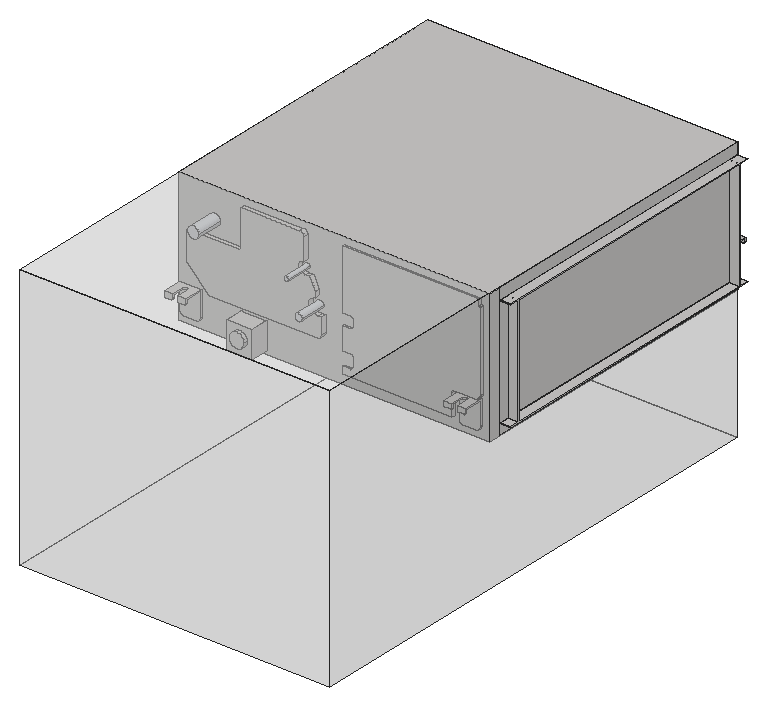
Revit family "outputfile", category 機械設備, Revit 2024
Family settings
  丸型コネクタ寸法 = 半径を使用
  パーツ タイプ = 標準
  OmniClass 番号 = 23.75.10.24.21.27.27
  OmniClass タイトル = Split System Air Conditioning Units
  作業面ベース = いいえ
  常に垂直 = はい
  ロード時にボイドで切り取り = いいえ
  注釈の向きを維持 = いいえ
  共有 = いいえ
  部屋計算ポイント = はい
Parameters (values of type "FXMQ80AFVM")
  Description = ""
  製造元 = "Daikin"
  書き出し IFC クラス(タイプ) = "IfcUnitaryEquipmentType"
  定義済み IFC タイプ(タイプ) = "AIRCONDITIONINGUNIT"
  Cost = 0
  モデル = "FXMQ80AFVM"
  Type Comments = ""
  Keynote = ""
  Type Image = (empty or 0)
  Assembly Code = ""
  w_dischargeflange = 505.0 mm
  w_dsuctionflange = 670.0 mm
  r_Liquid Pipe Size = Liquid Pipe Size / 2  # 4.75 mm
  r_Gas Pipe Size = Gas Pipe Size / 2  # 7.95 mm
  r_Drain Pipe Size = Drain Pipe Size / 2  # 12.5 mm
  lw_powersupply = 380.0 mm  # constant formula
  lw_mountinghole_pitch = 631.0 mm  # constant formula
  lw_mountinghole = 27.0 mm  # constant formula
  lw_maintenacesocket = 169.0 mm  # constant formula
  lw_liquidpipe = 290.0 mm  # constant formula
  lw_gaspipe = 318.0 mm  # constant formula
  lw_drainpipe = 80.0 mm  # constant formula
  lh_dischargeflange = 165.0 mm  # constant formula
  lh_powersupply = 56.0 mm  # constant formula
  lh_maintenacesocket = 40.0 mm  # constant formula
  lh_liquidpipe = 212.0 mm  # constant formula
  lh_gaspipe = 144.0 mm  # constant formula
  lh_drainpipe = 232.0 mm  # constant formula
  lh_suctionflange = 150.0 mm  # constant formula
  lh_antena = Height - lh_mountinghole + 1.0 mm  # 221.0 mm
  ld_dischargeflange = 285.0 mm
  ld_powersupply = Depth / 2  # 350.0 mm
  ld_mountinghole_pitch = 738.0 mm
  ld_suctionflange = 363.0 mm
  h_dischargeflange = 265.0 mm  # constant formula
  lh_mountinghole = 80.0 mm  # constant formula
  h_mountinghole = [h***] + lh_mountinghole  # 80.0 mm
  h_suctionflange = 297.0 mm  # constant formula
  h*** = 0.0 mm  # constant formula
  d_dischargeflange = 25.0 mm  # constant formula
  d_pipe = 60.0 mm
  d_suctionflange = 25.0 mm  # constant formula
  Width = 700.0 mm
  Voltage_comment_60Hz = "220-230"
  Voltage_comment_50Hz = "220-240"
  Voltage_60Hz = 220 V
  Voltage_50Hz = 230 V
  Version = "ver.1.0"
  Unit Type = "Outdoor Air Processing Unit"
  Unit Mass Weight = 29.00 kg
  Unit Designation [instance] = ""
  Uniclass2015Version = "Products v1.30"
  Uniclass2015Title = "Variable refrigerant flow units"
  Uniclass2015Code = "Pr_70_65_03_94"
  URL = ""
  Total Heating Capacity [instance] = 0.000 kW
  Total Cooling Capacity [instance] = 0.000 kW
  Supply Air Direction [instance] = yes
  Sound Pressure Level_M speed (dBA) = 30
  Sound Pressure Level_L speed (dBA) = 23
  Sound Pressure Level_H speed (dBA) = 37.5
  Sound Power Level_H speed (dB) = 0
  Series = "VRV Fan Coil Unit"
  Sensible Cooling Capacity [instance] = 0.000 kW
  SA Duct Size Width = 460.0 mm
  SA Duct Size Height = 215.0 mm
  Refrigerant Type = "R410A"
  Power Input (Heating) = 0.095 kW
  Power Input (Cooling) = 0.080 kW
  Phase_60Hz = 1
  Phase_50Hz = 1
  Option Accessory 3 [instance] = ""
  Option Accessory 2 [instance] = ""
  Option Accessory 1 [instance] = ""
  OA Duct Size Width = 625.0 mm
  OA Duct Size Height = 247.0 mm
  Nominal Heating Capacity = 8.100 kW
  Nominal Cooling Capacity = 9.000 kW
  Minimum External Static Pressure = 50.00 Pa
  Minimum Circuit Amps_60Hz = 1.38 A
  Minimum Circuit Amps_50Hz = 1.38 A
  Minimum Airflow = 348.00 m³/h
  Median Airflow = 516.00 m³/h
  Maximum Fuse Amps_60Hz = 16.0 A
  Maximum Fuse Amps_50Hz = 16.0 A
  Maximum External Static Pressure = 200.00 Pa
  Maximum Airflow = 690.00 m³/h
  Material_Casing = DAIKIN_GalvanizedSteel_Casing_indoorunit
  Load Classification = HVAC
  Liquid Pipe Size = 9.5 mm
  Link_Nested Family [instance] = ""
  IfcVersion = "0"
  IfcExportType = "AIRCONDITIONINGUNIT"
  IfcExportAs = "IfcUnitaryEquipmentType"
  Height = 300.0 mm
  Heating Entering Wet Bulb Temperature [instance] = 0.00 °C
  Heating Entering Dry Bulb Temperature [instance] = 0.00 °C
  Heating Ambient Wet Bulb Temperature [instance] = 0.00 °C
  Heating Ambient Dry Bulb Temperature [instance] = 0.00 °C
  Heat Exchanger Type = "Cross Fin Coil"
  Gas Pipe Size = 15.9 mm
  Frequency_60Hz = 60 Hz
  Frequency_50Hz = 50 Hz
  Fan Type = "Sirocco Fan"
  Fan Drive = "Direct Drive"
  FCU Tag No. [instance] = ""
  Drain Pipe Size = 25.0 mm
  Design Supply Airflow [instance] = 0.00 m³/h
  Design Outdoor Airflow [instance] = 0.00 m³/h
  Design External Static Pressure [instance] = 0.00 Pa
  Depth = 700.0 mm
  既定の高さ = 0.0 mm
  Cooling Entering Wet Bulb Temperature [instance] = 0.00 °C
  Cooling Entering Dry Bulb Temperature [instance] = 0.00 °C
  Cooling Ambient Wet Bulb Temperature [instance] = 0.00 °C
  Cooling Ambient Dry Bulb Temperature [instance] = 0.00 °C
  Clearance visibility [instance] = yes
  Clearance Top = 0.0 mm
  Clearance Right = 0.0 mm
  Clearance Rear = 0.0 mm
  Clearance Left = 0.0 mm
  Clearance Front = 450.0 mm
  Clearance Bottom = 300.0 mm
Reference planes
  plane 1 "Center (Front/Back)": y = 0
  plane 2: z = 0
  plane 3 "Center (Left/Right)": x = 0
  plane 4 "Back": y = 350
  plane 5 "Front": y = -350
  plane 6 "Left": x = -350
  plane 7 "Right": x = 350
  plane 8 "Top": z = 0
  plane 9 "Bottom": z = -300
  plane 10: y = 350
  plane 11: y = -800
  plane 12: x = 350
  plane 13: x = -350
  plane 14: z = 0
  plane 15: z = -600
  plane 16: y = -356
  plane 17: y = -360
  plane 18: y = -391
  plane 19: y = -399
  plane 20: y = -410
  plane 21 "ld_drainpipe": x = -270
  plane 22 "ld_liquidpipe": x = -60
  plane 23 "ld_gaspipe": x = -32
  plane 24 "lh_gaspipe": z = -156
  plane 25 "lh_drainpipe": z = -68
  plane 26 "lh_liquidpipe": z = -88
  plane 27 "h_mountinghole": z = -220
  plane 28: x = -323
  plane 29: x = 308
  plane 30: y = 369
  plane 31: y = -369
  plane 32 "lh_powersuply": z = -244
  plane 33 "ld_powersupply": x = 30
  plane 34 "lh_dischargeflange": z = -150
  plane 35 "ld_dischargeflange": y = 13
  plane 36 "ld_suctionflange": y = 65
  plane 37 "lh_suctionflange": z = -135
  plane 38 "lh_maintenacesocket": z = -260
  plane 39 "lw_maintenacesocket": x = -181
Forms (mm)
  Extrusion 1, solid, material "DAIKIN_GalvanizedSteel_Casing_indoorunit" <- "Material_Casing"
    sketch origin (0, 0, 0) x (1, 0, 0) y (0, 0, 1)
      loop
        line (-350, 0) -> (-350, -300) -> (350, -300) -> (350, 0) -> (-350, 0)
    from -350 to 350
  Extrusion 2, solid, material "DAIKIN_GalvanizedSteel_Casing_indoorunit" <- "Material_Casing"
    sketch origin (0, 0, 0) x (1, 0, 0) y (0, 0, 1)
      loop
        line (23.104, -151.299) -> (41.1, -151.326)
        arc (41.1, -151.326) -> (46.767, -153.673) -> (49.114, -159.34) r 8.015
        line (49.114, -159.34) -> (49.104, -169.302)
        arc (49.104, -169.302) -> (46.761, -174.959) -> (41.104, -177.302) r 8
        line (41.104, -177.302) -> (23.104, -177.302) -> (23.104, -227.302) -> (41.104, -227.302)
        arc (41.104, -227.302) -> (46.761, -229.645) -> (49.104, -235.302) r 8
        line (49.104, -235.302) -> (49.104, -251.302)
        arc (49.104, -251.302) -> (46.761, -256.959) -> (41.104, -259.302) r 8
        line (41.104, -259.302) -> (23.104, -259.302) -> (23.104, -274.802) -> (271.104, -274.802) -> (271.104, -224.802)
        arc (271.104, -224.802) -> (272.568, -221.266) -> (276.104, -219.802) r 5
        line (276.104, -219.802) -> (327.104, -219.802)
        spline (327.104, -219.802) -> (327.496, -219.776) -> (327.88, -219.7) -> (328.252, -219.574) -> (328.604, -219.4) -> (328.93, -219.182) -> (329.225, -218.923) -> (329.484, -218.628) -> (329.702, -218.302) -> (329.876, -217.95) -> (330.002, -217.578) -> (330.078, -217.194) -> (330.104, -216.802)
        line (330.104, -216.802) -> (330.104, -213) -> (332, -213)
        arc (332, -213) -> (334.121, -212.121) -> (335, -210) r 3
        line (335, -210) -> (335, -32)
        arc (335, -32) -> (334.121, -29.879) -> (332, -29) r 3
        line (332, -29) -> (330.104, -29) -> (330.104, -15.8) -> (23.104, -15.8) -> (23.104, -151.299)
    from 350 to 356
  Extrusion 3, solid, material "DAIKIN_GalvanizedSteel_Casing_indoorunit" <- "Material_Casing"
    sketch origin (0, 0, 0) x (1, 0, 0) y (0, 0, 1)
      loop
        line (-70, -15.8) -> (-201, -15.8)
        arc (-201, -15.8) -> (-203.121, -16.679) -> (-204, -18.8) r 3
        line (-204, -18.8) -> (-204, -102) -> (-321, -102)
        arc (-321, -102) -> (-323.121, -102.879) -> (-324, -105) r 3
        line (-324, -105) -> (-324, -167.757)
        arc (-324, -167.757) -> (-323.772, -168.905) -> (-323.121, -169.879) r 3
        line (-323.121, -169.879) -> (-274.879, -218.121)
        arc (-274.879, -218.121) -> (-273.905, -218.772) -> (-272.757, -219) r 3
        line (-272.757, -219) -> (-30, -219)
        arc (-30, -219) -> (-22.929, -216.071) -> (-20, -209) r 10
        line (-20, -209) -> (-20, -172.5) -> (-26.169, -172.5)
        arc (-26.169, -172.5) -> (-49.051, -159.94) -> (-34, -138.615) r 17.5
        line (-34, -138.615) -> (-34, -127.5) -> (-47, -100.5) -> (-56.429, -100.5)
        arc (-56.429, -100.5) -> (-72.874, -89.803) -> (-60, -75) r 13
        line (-60, -75) -> (-60, -25.8)
        arc (-60, -25.8) -> (-62.929, -18.729) -> (-70, -15.8) r 10
    from 360 to 350
  Extrusion 4, solid, material "DAIKIN_GalvanizedSteel_Casing_indoorunit" <- "Material_Casing"
    sketch origin (0, 0, 0) x (1, 0, 0) y (0, 0, 1)
      loop
        line (-209.102, -232.7) -> (-209.102, -292.398) -> (-152.898, -292.398) -> (-152.898, -232.7)
        arc (-152.898, -232.7) -> (-153.133, -232.133) -> (-153.7, -231.898) r 0.802
        line (-153.7, -231.898) -> (-208.298, -231.898)
        arc (-208.298, -231.898) -> (-208.865, -232.133) -> (-209.102, -232.7) r 0.802
    from 350 to 391
  Extrusion 5, solid, material "DAIKIN_GalvanizedSteel_Casing_indoorunit" <- "Material_Casing"
    sketch origin (0, 0, 0) x (1, 0, 0) y (0, 0, 1)
      loop
        circle (-181, -260) r 16.5
    from 391 to 399
  Extrusion 6, solid
    sketch origin (0, 0, 0) x (1, 0, 0) y (0, 0, 1)
      loop
        circle (-270, -68) r 12.5
      loop
        circle (-60, -88) r 4.75
      loop
        circle (-32, -156) r 7.95
    from 350 to 410
Dimensions and locks
  "Height": plane 8 "Top" to plane 9 "Bottom"
  equal spacing: plane 6 "Left", plane 3 "Center (Left/Right)", plane 7 "Right", locked at 350 each
  "Width": plane 6 "Left" to plane 7 "Right"
  equal spacing: plane 4 "Back", plane 1 "Center (Front/Back)", plane 5 "Front"
  "Depth": plane 4 "Back" to plane 5 "Front"
  "Clearance Left": plane 13 to plane 6 "Left"
  "Clearance Right": plane 7 "Right" to plane 12
  "Clearance Rear": plane 10 to plane 4 "Back"
  "Clearance Front": plane 5 "Front" to plane 11
  "Clearance Top": plane 14 to plane 8 "Top"
  "Clearance Bottom": plane 9 "Bottom" to plane 15
  Extrusion 2 sketch curve to Extrusion 2 sketch curve to Extrusion 2 sketch curve = 307.0 mm locked, 4.896 mm locked
  Extrusion 2 sketch curve to Extrusion 2 sketch curve to Extrusion 2 sketch curve to Extrusion 2 sketch curve to Extrusion 2 sketch curve = 26.0 mm locked, 222.0 mm locked, 59.0 mm locked, 4.896 mm locked
  locked: Extrusion 2 sketch curve to Extrusion 2 sketch curve at 26.01
  locked: Extrusion 2 sketch curve to nested 1 at 23.104
  locked: Extrusion 2 sketch curve to plane 3 "Center (Left/Right)" at 23.104
  plane 3 "Center (Left/Right)" to Extrusion 2 sketch curve = 23.104 mm
  Extrusion 2 sketch curve to Extrusion 2 sketch curve to Extrusion 2 sketch curve to Extrusion 2 sketch curve to Extrusion 2 sketch curve = 161.502 mm locked, 50.0 mm locked, 32.0 mm locked, 15.5 mm locked
  locked: Extrusion 2 sketch curve to Extrusion 2 sketch curve at 68.127
  locked: Extrusion 2 sketch curve to Extrusion 2 sketch curve at 13.2
  locked: Extrusion 2 sketch curve to Extrusion 2 sketch curve at 6.802
  locked: Extrusion 2 sketch curve to Extrusion 2 sketch curve at 55
  locked: plane 5 "Front" to plane 16 at 6
  locked: plane 5 "Front" to plane 17 at 10
  locked: plane 5 "Front" to plane 18 at 41
  "d_pipe": plane 5 "Front" to plane 20
  "lw_drainpipe": plane 6 "Left" to plane 21 "ld_drainpipe"
  "lw_liquidpipe": plane 6 "Left" to plane 22 "ld_liquidpipe"
  "lw_gaspipe": plane 6 "Left" to plane 23 "ld_gaspipe"
  "lh_gaspipe": plane 24 "lh_gaspipe" to plane 9 "Bottom"
  "lh_liquidpipe": plane 26 "lh_liquidpipe" to plane 9 "Bottom"
  "lh_drainpipe": plane 25 "lh_drainpipe" to plane 9 "Bottom"
  "lh_mountinghole": plane 27 "h_mountinghole" to plane 9 "Bottom"
  "lw_mountinghole": plane 6 "Left" to plane 28
  "lw_mountinghole_pitch": plane 28 to plane 29
  equal spacing: plane 30, plane 1 "Center (Front/Back)", plane 31
  "ld_mountinghole_pitch": plane 30 to plane 31
  locked: Extrusion 3 sketch curve to plane 6 "Left" at 146
  locked: Extrusion 3 sketch curve to plane 6 "Left" at 290
  locked: plane 6 "Left" to Extrusion 3 sketch curve at 26
  locked: Extrusion 3 sketch curve to plane 6 "Left" at 316
  locked: Extrusion 3 sketch curve to plane 6 "Left" at 330
  locked: Extrusion 3 sketch curve to plane 9 "Bottom" at 81
  locked: Extrusion 3 sketch curve to plane 9 "Bottom" at 284.2
  locked: Extrusion 3 sketch curve to plane 9 "Bottom" at 199.5
  locked: Extrusion 3 sketch curve to plane 9 "Bottom" at 127.5
  locked: Extrusion 3 sketch curve to plane 9 "Bottom" at 198
  "lh_powersupply": plane 32 "lh_powersuply" to plane 9 "Bottom"
  "lw_powersupply": plane 6 "Left" to plane 33 "ld_powersupply"
  "lh_suctionflange": plane 34 "lh_dischargeflange" to plane 9 "Bottom"
  "ld_suctionflange": plane 35 "ld_dischargeflange" to plane 5 "Front"
  "ld_dischargeflange": plane 4 "Back" to plane 36 "ld_suctionflange"
  "lh_dischargeflange": plane 37 "lh_suctionflange" to plane 9 "Bottom"
  locked: plane 5 "Front" to plane 19 at 49
  "lh_maintenacesocket": plane 38 "lh_maintenacesocket" to plane 9 "Bottom"
  "lw_maintenacesocket": plane 6 "Left" to plane 39 "lw_maintenacesocket"
  equal spacing: Extrusion 4 sketch curve, plane 39 "lw_maintenacesocket", Extrusion 4 sketch curve
  locked: Extrusion 4 sketch curve to Extrusion 4 sketch curve at 56.204
  Extrusion 4 sketch curve to plane 38 "lh_maintenacesocket" to Extrusion 4 sketch curve = 28.102 mm locked, 32.398 mm locked
  "r_Drain Pipe Size": radius of Extrusion 6 sketch curve
  "r_Liquid Pipe Size": radius of Extrusion 6 sketch curve
  "r_Gas Pipe Size": radius of Extrusion 6 sketch curve
  aligned and locked: level to plane 2
  aligned and locked: Extrusion 1 sketch curve to plane 8 "Top"
  aligned and locked: plane 6 "Left" to Extrusion 1 sketch curve
  aligned and locked: plane 9 "Bottom" to Extrusion 1 sketch curve
  aligned and locked: Extrusion 1 sketch curve to plane 7 "Right"
  aligned and locked: plane 4 "Back" to Extrusion 1
  aligned and locked: Extrusion 1 to plane 5 "Front"
  aligned and locked: plane 10 to nested 1
  aligned and locked: plane 11 to nested 1
  aligned and locked: plane 12 to nested 1
  aligned and locked: nested 1 to plane 13
  aligned and locked: plane 15 to nested 1
  aligned and locked: plane 14 to nested 1
  aligned and locked: Extrusion 2 to plane 16
  aligned and locked: plane 5 "Front" to Extrusion 2
  aligned and locked: Extrusion 4 to plane 18
  aligned and locked: plane 5 "Front" to Extrusion 4
  aligned and locked: Extrusion 5 to plane 19
  aligned and locked: plane 18 to Extrusion 5
  aligned and locked: plane 25 "lh_drainpipe" to Extrusion 6 sketch curve
  aligned and locked: plane 21 "ld_drainpipe" to Extrusion 6 sketch curve
  aligned and locked: plane 26 "lh_liquidpipe" to Extrusion 6 sketch curve
  aligned and locked: plane 22 "ld_liquidpipe" to Extrusion 6 sketch curve
  aligned and locked: plane 23 "ld_gaspipe" to Extrusion 6 sketch curve
  aligned and locked: plane 24 "lh_gaspipe" to Extrusion 6 sketch curve
  aligned and locked: Extrusion 6 to plane 20
  aligned and locked: plane 5 "Front" to Extrusion 6
  aligned and locked: nested 2 to plane 5 "Front"
  aligned and locked: nested 2 to plane 21 "ld_drainpipe"
  aligned and locked: plane 25 "lh_drainpipe" to nested 2
  aligned and locked: nested 3 to plane 5 "Front"
  aligned and locked: nested 4 to plane 5 "Front"
  aligned and locked: plane 26 "lh_liquidpipe" to nested 3
  aligned and locked: plane 24 "lh_gaspipe" to nested 4
  aligned and locked: plane 29 to nested 5
  aligned and locked: plane 4 "Back" to nested 5
  aligned and locked: plane 27 "h_mountinghole" to nested 5
  aligned and locked: plane 28 to nested 6
  aligned and locked: plane 4 "Back" to nested 6
  aligned and locked: plane 27 "h_mountinghole" to nested 6
  aligned and locked: nested 7 to plane 29
  aligned and locked: plane 5 "Front" to nested 7
  aligned and locked: plane 5 "Front" to nested 8
  aligned and locked: nested 8 to plane 28
  aligned and locked: nested 7 to plane 27 "h_mountinghole"
  aligned and locked: nested 8 to plane 27 "h_mountinghole"
  aligned and locked: Extrusion 3 to plane 17
  aligned and locked: plane 5 "Front" to Extrusion 3
  aligned and locked: nested 11 to plane 28
  aligned and locked: nested 11 to plane 30
  aligned and locked: nested 12 to plane 29
  aligned and locked: nested 12 to plane 30
  aligned and locked: nested 9 to plane 29
  aligned and locked: plane 31 to nested 9
  aligned and locked: nested 10 to plane 28
  aligned and locked: plane 31 to nested 10
  aligned and locked: nested 13 to plane 32 "lh_powersuply"
  aligned and locked: plane 1 "Center (Front/Back)" to nested 14
  aligned and locked: nested 14 to plane 3 "Center (Left/Right)"
  aligned and locked: plane 34 "lh_dischargeflange" to nested 15
  aligned and locked: plane 7 "Right" to nested 15
  aligned and locked: plane 35 "ld_dischargeflange" to nested 15
  aligned and locked: nested 16 to plane 36 "ld_suctionflange"
  aligned and locked: nested 16 to plane 6 "Left"
  aligned and locked: plane 37 "lh_suctionflange" to nested 16
  aligned and locked: nested 17 to plane 6 "Left"
  aligned and locked: nested 17 to plane 36 "ld_suctionflange"
  aligned and locked: plane 7 "Right" to nested 18
  aligned and locked: plane 35 "ld_dischargeflange" to nested 18
  aligned and locked: nested 18 to plane 34 "lh_dischargeflange"
  aligned and locked: nested 17 to plane 37 "lh_suctionflange"
  aligned and locked: plane 38 "lh_maintenacesocket" to Extrusion 5 sketch curve
  aligned and locked: plane 39 "lw_maintenacesocket" to Extrusion 5 sketch curve
  aligned and locked: nested 3 to plane 22 "ld_liquidpipe"
  aligned and locked: nested 4 to plane 23 "ld_gaspipe"
  aligned and locked: nested 13 to plane 33 "ld_powersupply"
  aligned and locked: level to plane 8 "Top"
Automatic sketch dimensions
  Extrusion 2 sketch curve to Extrusion 2 sketch curve = 0.027 mm
  Extrusion 2 sketch curve to Extrusion 2 sketch curve = 8.015 mm
  Extrusion 2 sketch curve to Extrusion 2 sketch curve = 8.01 mm
  Extrusion 2 sketch curve to Extrusion 2 sketch curve = 0.0 mm  (x4)
  Extrusion 2 sketch curve to Extrusion 2 sketch curve = 8.0 mm  (x3)
  Extrusion 2 sketch curve to Extrusion 2 sketch curve = 5.0 mm
  Extrusion 2 sketch curve to Extrusion 2 sketch curve = 3.0 mm  (x2)
  Extrusion 2 sketch curve to Extrusion 2 sketch curve = 1.896 mm  (x2)
  Extrusion 2 sketch curve to plane 8 "Top" = 15.8 mm
  Extrusion 4 sketch curve to Extrusion 4 sketch curve = 0.804 mm
  Extrusion 4 sketch curve to Extrusion 4 sketch curve = 0.802 mm  (x2)
  Extrusion 4 sketch curve to Extrusion 4 sketch curve = 0.0 mm
  plane 23 "ld_gaspipe" to Extrusion 3 sketch curve = 0.0 mm
  Extrusion 3 sketch curve to plane 24 "lh_gaspipe" = 0.0 mm
  Extrusion 3 sketch curve to plane 26 "lh_liquidpipe" = 0.0 mm
  plane 28 to Extrusion 3 sketch curve = 0.121 mm
  Extrusion 3 sketch curve to plane 28 = 2.0 mm  (x2)
  plane 21 "ld_drainpipe" to Extrusion 3 sketch curve = 4.879 mm
  plane 21 "ld_drainpipe" to Extrusion 3 sketch curve = 2.757 mm
  Extrusion 3 sketch curve to Extrusion 3 sketch curve = 3.0 mm  (x2)
  plane 22 "ld_liquidpipe" to Extrusion 3 sketch curve = 10.0 mm
  Extrusion 3 sketch curve to plane 22 "ld_liquidpipe" = 3.571 mm
  Extrusion 3 sketch curve to Extrusion 3 sketch curve = 9.429 mm
  Extrusion 3 sketch curve to plane 23 "ld_gaspipe" = 2.0 mm
  Extrusion 3 sketch curve to plane 23 "ld_gaspipe" = 5.831 mm
  Extrusion 3 sketch curve to plane 24 "lh_gaspipe" = 11.757 mm
  Extrusion 3 sketch curve to Extrusion 3 sketch curve = 11.115 mm
  radius of Extrusion 5 sketch curve = 16.5 mm
Nested families
  nested 1: "daikin_clearancespace" at (0, -225, -299.881), visible <- "Clearance visibility", show <- "Clearance visibility", Link_Nested Family <- "Link_Nested Family", type "daikin_clearancespace"
    with width 700.0 mm, show yes, height 600.0 mm, depth 1150.0 mm, Link_Nested Family ""
  nested 2: "daikin_connector_rotate2" at (-270, -350, -68), length <- "d_pipe", radius <- "r_Drain Pipe Size", type "daikin_connector_rotate2"
    with radius 12.5 mm, length 60.0 mm, angle_vertical 90.00°, show_face no
  nested 3: "daikin_connector_rotate2" at (-60, -350, -88), length <- "d_pipe", radius <- "r_Liquid Pipe Size", type "daikin_connector_rotate2"
    with radius 4.75 mm, length 60.0 mm, angle_vertical 90.00°, show_face no
  nested 4: "daikin_connector_rotate2" at (-32, -350, -156), length <- "d_pipe", radius <- "r_Gas Pipe Size", type "daikin_connector_rotate2"
    with radius 7.95 mm, length 60.0 mm, angle_vertical 90.00°, show_face no
  nested 5: "daikin_hangerfixture_CeilingMountedDuct" at (308, 350, -220) x (-1, 0, 0) z (0, 0, 1), type "daikin_hangerfixture_CeilingMountedDuct"
  nested 6: "daikin_hangerfixture_CeilingMountedDuct" at (-323, 350, -220) x (-1, 0, 0) z (0, 0, 1), type "daikin_hangerfixture_CeilingMountedDuct"
  nested 7: "daikin_hangerfixture_CeilingMountedDuct" at (308, -350, -220) x (-1, 0, 0) z (0, 0, 1), type "daikin_hangerfixture_CeilingMountedDuct"
  nested 8: "daikin_hangerfixture_CeilingMountedDuct" at (-323, -350, -220) x (-1, 0, 0) z (0, 0, 1), type "daikin_hangerfixture_CeilingMountedDuct"
  nested 9: "daikin_mountinghole" at (308, -369, -300), Link_Nested Family <- "Link_Nested Family", l_antenna <- "lh_antena", h_mountinghole <- "h_mountinghole", type "daikin_mountinghole"
    with show yes, l_antenna 221.0 mm, h_mountinghole 80.0 mm, Link_Nested Family ""
  nested 10: "daikin_mountinghole" at (-323, -369, -300), Link_Nested Family <- "Link_Nested Family", l_antenna <- "lh_antena", h_mountinghole <- "h_mountinghole", type "daikin_mountinghole"
    with show yes, l_antenna 221.0 mm, h_mountinghole 80.0 mm, Link_Nested Family ""
  nested 11: "daikin_mountinghole" at (-323, 369, -300), Link_Nested Family <- "Link_Nested Family", l_antenna <- "lh_antena", h_mountinghole <- "h_mountinghole", type "daikin_mountinghole"
    with show yes, l_antenna 221.0 mm, h_mountinghole 80.0 mm, Link_Nested Family ""
  nested 12: "daikin_mountinghole" at (308, 369, -300), Link_Nested Family <- "Link_Nested Family", l_antenna <- "lh_antena", h_mountinghole <- "h_mountinghole", type "daikin_mountinghole"
    with show yes, l_antenna 221.0 mm, h_mountinghole 80.0 mm, Link_Nested Family ""
  nested 13: "daikin_connector_rotate2" at (30, 0, -244), length <- "ld_powersupply", type "daikin_connector_rotate2"
    with radius 10.0 mm, length 350.0 mm, angle_vertical 90.00°, show_face no
  nested 14: "daikin_△_symbolicline" at (0, 0, 300) x (0, -1, 0) z (0, 0, 1), visible <- "Supply Air Direction", built-in parameter 1001364 <- "Height", type "daikin_△_symbolicline"
    with length 300.0 mm
  nested 15: "daikin_ductflange_FXMQ-AFVM" at (350, 13, -298.5) x (0, 1, 0) z (0, 0, 1), depth <- "d_suctionflange", height <- "h_suctionflange", width <- "w_dsuctionflange", material <- "Material_Casing", type "daikin_ductflange_FXMQ-AFVM"
    with width 670.0 mm, top1 25.0 mm, right1 22.5 mm, material DAIKIN_GalvanizedSteel_Casing_indoorunit, left1 22.5 mm, height 297.0 mm, depth 25.0 mm, Bottom1 25.0 mm
  nested 16: "daikin_ductflange_FXMQ-AFVM" at (-350, 65, -267.5) x (0, -1, 0) z (0, 0, 1), material <- "Material_Casing", depth <- "d_dischargeflange", height <- "h_dischargeflange", width <- "w_dischargeflange", type "daikin_ductflange_FXMQ-AFVM"
    with width 505.0 mm, top1 25.0 mm, right1 22.5 mm, material DAIKIN_GalvanizedSteel_Casing_indoorunit, left1 22.5 mm, height 265.0 mm, depth 25.0 mm, Bottom1 25.0 mm
  nested 17: "daikin_connector_rotate2" at (-350, 65, -135) x (0, -1, 0) z (0, 0, 1), length <- "d_dischargeflange", type "daikin_connector_rotate2"
    with radius 10.0 mm, length 25.0 mm, angle_vertical 90.00°, show_face no
  nested 18: "daikin_connector_rotate2" at (350, 13, -150) x (0, 1, 0) z (0, 0, 1), length <- "d_suctionflange", type "daikin_connector_rotate2"
    with radius 10.0 mm, length 25.0 mm, angle_vertical 90.00°, show_face no
Connectors
  piping at (-270, -410, -68), diameter 25, driven by "r_Drain Pipe Size"
    settings: on nested 2, index 1, connector inside diameter 609.6 mm, connector length 0.0 mm, flow factor 0, pipe flow 0.00 m³/h, pressure drop 0.0 Pa, fitting loss kfactor 0, connector angle 0.00°, fixture units 0, engagement length 0.0 mm, angle of deflection 0.00°, flow configuration 1, flow direction 2, fitting loss method 4, system type 16, joint type 0, gender type 0, connector reference index -1, connector utility 0, adjustable connector no, is connector primary yes, connector description "Condensate Drain Piping"
  piping at (-60, -410, -88), diameter 9.5, driven by "r_Liquid Pipe Size"
    settings: on nested 3, index 2, connector inside diameter 609.6 mm, connector length 0.0 mm, flow factor 0, pipe flow 0.00 m³/h, pressure drop 0.0 Pa, fitting loss kfactor 0, connector angle 0.00°, fixture units 0, engagement length 0.0 mm, angle of deflection 0.00°, flow configuration 1, flow direction 1, fitting loss method 0, system type 29, joint type 0, gender type 0, connector reference index -1, connector utility 0, adjustable connector no, is connector primary no, connector description "Refrigerant Liquid Piping"
  piping at (-32, -410, -156), diameter 15.9, driven by "r_Gas Pipe Size"
    settings: on nested 4, index 3, connector inside diameter 609.6 mm, connector length 0.0 mm, flow factor 0, pipe flow 0.00 m³/h, pressure drop 0.0 Pa, fitting loss kfactor 0, connector angle 0.00°, fixture units 0, engagement length 0.0 mm, angle of deflection 0.00°, flow configuration 1, flow direction 2, fitting loss method 0, system type 29, joint type 0, gender type 0, connector reference index -1, connector utility 0, adjustable connector no, is connector primary no, connector description "Refrigerant Gas Piping"
  electrical at (30, -350, -244), driven by "Load Classification"
    settings: on nested 13, index 4, voltage 0 V, apparent load 0 VA, apparent load phase1 0 VA, apparent load phase2 0 VA, apparent load phase3 0 VA, power factor 1, load classification "HVAC", number of poles 1, system type 30, power factor state 1, is connector primary yes, connector utility no, sub classification motor no, connector description "Power Supply"
  hvac at (375, 13, -150), driven by "OA Duct Size Height", driven by "OA Duct Size Width"
    settings: on nested 15, index 5, duct flow 0.00 m³/h, flow factor 0, pres drop 0.00 Pa, loss coef 0, conn angle 0.00°, conn width 625.0 mm, conn height 247.0 mm, conn diameter 609.6 mm, duct sys type 1, conn prof type 1, flow config 0, flow direction 1, loss method 4, conn ref index -1, conn util no, is conn primary no, conn desc "OA Duct"
  hvac at (-375, 65, -135), driven by "SA Duct Size Height", driven by "SA Duct Size Width"
    settings: on nested 16, index 6, duct flow 0.00 m³/h, flow factor 0, pres drop 0.00 Pa, loss coef 0, conn angle 0.00°, conn width 460.0 mm, conn height 215.0 mm, conn diameter 609.6 mm, duct sys type 1, conn prof type 1, flow config 0, flow direction 2, loss method 4, conn ref index -1, conn util no, is conn primary yes, conn desc "SA Duct"
Definition of nested family "daikin_clearancespace"
  Parameters (values of type "daikin_clearancespace")
    width [instance] = 1823.963 mm
    show [instance] = yes
    material = none
    height [instance] = 1359.762 mm
    depth [instance] = 880.0 mm
    Default Elevation = 0.0 mm
    Link_Nested Family [instance] = ""
  Reference planes
    plane 1 "Center (Front/Back)": y = 0
    plane 2 "Center (Elevation)": z = -0.119
    plane 3 "Center (Left/Right)": x = 0
    plane 4: y = 440
    plane 5: y = -440
    plane 6 "Right": x = 911.982
    plane 7 "Left": x = -911.982
    plane 8 "Top": z = 679.762
    plane 9 "Bottom": z = -680
  Forms (mm)
    Extrusion 1, solid, material <- "material", visible <- "show"
      sketch origin (0, 0, 0) x (1, 0, 0) y (0, 1, 0)
        loop
          line (-911.982, 440) -> (-911.982, -440) -> (911.982, -440) -> (911.982, 440) -> (-911.982, 440)
      from -680 to 679.762
  Lines and regions (mm)
    symbolic lines, visible <- "show"
      curve 1: line (911.982, 440, 0) -> (-911.982, 440, 0)
      curve 2: line (-911.982, 440, 0) -> (-911.982, -440, 0)
      curve 3: line (-911.982, -440, 0) -> (911.982, -440, 0)
      curve 4: line (911.982, -440, 0) -> (911.982, 440, 0)
      curve 5: line (911.982, 0, 679.762) -> (-911.982, 0, 679.762)
      curve 6: line (911.982, 0, -680) -> (911.982, 0, 679.762)
      curve 7: line (-911.982, 0, -680) -> (911.982, 0, -680)
      curve 8: line (-911.982, 0, 679.762) -> (-911.982, 0, -680)
      curve 9: line (0, 440, 679.762) -> (0, -440, 679.762)
      curve 10: line (0, -440, 679.762) -> (0, -440, -680)
      curve 11: line (0, 440, -680) -> (0, 440, 679.762)
      curve 12: line (0, -440, -680) -> (0, 440, -680)
  Dimensions and locks
    "width": plane 7 "Left" to plane 6 "Right"
    "depth": plane 4 to plane 5
    "height": plane 8 "Top" to plane 9 "Bottom"
    equal spacing: plane 7 "Left", plane 3 "Center (Left/Right)", plane 6 "Right"
    equal spacing: plane 4, plane 1 "Center (Front/Back)", plane 5
    equal spacing: plane 8 "Top", plane 2 "Center (Elevation)", plane 9 "Bottom"
    aligned and locked: level to plane 2 "Center (Elevation)"
    aligned and locked: Extrusion 1 sketch curve to plane 4
    aligned and locked: plane 7 "Left" to Extrusion 1 sketch curve
    aligned and locked: Extrusion 1 sketch curve to plane 5
    aligned and locked: Extrusion 1 sketch curve to plane 6 "Right"
    aligned and locked: plane 8 "Top" to Extrusion 1
    aligned and locked: curve 1 to Extrusion 1
    aligned and locked: curve 2 to Extrusion 1
    aligned and locked: curve 3 to Extrusion 1
    aligned and locked: curve 4 to Extrusion 1
    aligned and locked: curve 5 to Extrusion 1
    aligned and locked: curve 6 to Extrusion 1
    aligned and locked: curve 7 to Extrusion 1
    aligned and locked: curve 8 to Extrusion 1
    aligned and locked: curve 9 to Extrusion 1
    aligned and locked: curve 10 to Extrusion 1
    aligned and locked: curve 11 to Extrusion 1
    aligned and locked: curve 12 to Extrusion 1
    aligned and locked: Extrusion 1 to plane 9 "Bottom"
Definition of nested family "daikin_hangerfixture_CeilingMountedDuct"
  Parameters (values of type "daikin_hangerfixture_CeilingMountedDuct")
    width = 48.0 mm
    material = none
    height = 65.0 mm
    depth = 45.0 mm
    Default Elevation = 0.0 mm
  Reference planes
    plane 1 "Center (Front/Back)": y = 0
    plane 2: z = 0
    plane 3 "Center (Left/Right)": x = 0
    plane 4: y = 417.146
    plane 5: y = -45
    plane 6: x = -24
    plane 7: x = 24
    plane 8: z = -2.3
    plane 9: z = -65
    plane 10: y = -2.3
    plane 11: z = -12
    plane 12: y = -42.7
  Forms (mm)
    Extrusion 1, solid, material <- "material"
      sketch origin (0, 0, 0) x (1, 0, 0) y (0, 1, 0)
        loop
          line (24, 0) -> (-24, 0) -> (-24, -45) -> (-6, -45) -> (-6, -19)
          arc (-6, -19) -> (0, -13) -> (6, -19) r 6
          line (6, -19) -> (6, -45) -> (24, -45) -> (24, 0)
      from 0 to -2.3
    Extrusion 2, solid, material <- "material"
      sketch origin (0, 0, 0) x (1, 0, 0) y (0, 0, 1)
        loop
          line (24, -55) -> (24, 0) -> (-24, 0) -> (-24, -55)
          arc (-24, -55) -> (-21.071, -62.071) -> (-14, -65) r 10
          line (-14, -65) -> (14, -65)
          arc (14, -65) -> (21.071, -62.071) -> (24, -55) r 10
      from 0 to 2.3
    Extrusion 3, solid, material <- "material"
      sketch origin (0, 0, 0) x (1, 0, 0) y (0, 0, 1)
        loop
          line (-6, -9) -> (-6, 0) -> (-24, 0) -> (-24, -9)
          arc (-24, -9) -> (-23.121, -11.121) -> (-21, -12) r 3
          line (-21, -12) -> (-9, -12)
          arc (-9, -12) -> (-6.879, -11.121) -> (-6, -9) r 3
        loop
          line (6, 0) -> (6, -9)
          arc (6, -9) -> (6.879, -11.121) -> (9, -12) r 3
          line (9, -12) -> (21, -12)
          arc (21, -12) -> (23.121, -11.121) -> (24, -9) r 3
          line (24, -9) -> (24, 0) -> (6, 0)
      from 42.7 to 45
  Cuts and joins
    joined: Extrusion 1, Extrusion 2, Extrusion 3
  Dimensions and locks
    "width": plane 6 to plane 7
    "depth": plane 5 to plane 1 "Center (Front/Back)"
    plane 2 to plane 8 = 2.3 mm
    "height": plane 2 to plane 9
    locked: plane 10 to plane 1 "Center (Front/Back)" at 2.3
    locked: plane 2 to plane 11 at 12
    locked: plane 12 to plane 5 at 2.3
    aligned and locked: level to plane 2
    aligned and locked: Extrusion 1 sketch curve to plane 1 "Center (Front/Back)"
    aligned and locked: plane 7 to Extrusion 1
    aligned and locked: Extrusion 1 to plane 6
    aligned and locked: Extrusion 1 to plane 5  (x2)
    aligned and locked: Extrusion 1 to plane 8
    aligned and locked: plane 2 to Extrusion 1
    aligned and locked: plane 2 to Extrusion 2 sketch curve
    aligned and locked: Extrusion 2 to plane 9
    aligned and locked: Extrusion 2 to plane 10
    aligned and locked: Extrusion 2 to plane 1 "Center (Front/Back)"
    aligned and locked: plane 2 to Extrusion 3 sketch curve  (x2)
    aligned and locked: Extrusion 3 to plane 11  (x2)
    aligned and locked: plane 12 to Extrusion 3
    aligned and locked: Extrusion 3 to plane 5
  Automatic sketch dimensions
    Extrusion 1 sketch curve to plane 6 = 0.0 mm
    Extrusion 1 sketch curve to plane 5 = 0.0 mm  (x2)
    Extrusion 1 sketch curve to plane 3 "Center (Left/Right)" = 0.0 mm
    Extrusion 1 sketch curve to plane 7 = 0.0 mm
    Extrusion 1 sketch curve to plane 3 "Center (Left/Right)" = 6.0 mm
    plane 1 "Center (Front/Back)" to Extrusion 1 sketch curve = 19.0 mm
    Extrusion 2 sketch curve to plane 7 = 0.0 mm
    Extrusion 2 sketch curve to plane 7 = 10.0 mm
    Extrusion 2 sketch curve to plane 8 = 52.7 mm
    plane 6 to Extrusion 2 sketch curve = 10.0 mm
    Extrusion 2 sketch curve to plane 6 = 0.0 mm
    Extrusion 3 sketch curve to plane 6 = 0.0 mm
    Extrusion 3 sketch curve to plane 7 = 0.0 mm
    Extrusion 3 sketch curve to Extrusion 3 sketch curve = 3.0 mm  (x2)
    Extrusion 3 sketch curve to plane 8 = 6.7 mm
    Extrusion 3 sketch curve to plane 3 "Center (Left/Right)" = 9.0 mm
    Extrusion 3 sketch curve to plane 3 "Center (Left/Right)" = 6.0 mm
    plane 3 "Center (Left/Right)" to Extrusion 3 sketch curve = 6.0 mm
    Extrusion 3 sketch curve to plane 7 = 3.0 mm
    Extrusion 3 sketch curve to plane 8 = 9.7 mm
Definition of nested family "daikin_ductflange_FXMQ-AFVM"
  Parameters (values of type "daikin_ductflange_CeilingMountedDuct")
    width [instance] = 670.0 mm
    right1 [instance] = 22.5 mm
    left1 [instance] = 22.5 mm
    Bottom1 [instance] = 25.0 mm
    material [instance] = none
    height [instance] = 272.0 mm
    depth [instance] = 25.0 mm
    top1 [instance] = 25.0 mm
    Default Elevation = 0.0 mm
  Reference planes
    plane 1 "Center (Front/Back)": y = 0
    plane 2: z = 0
    plane 3 "Center (Left/Right)": x = 0
    plane 4: y = -25
    plane 5: x = -335
    plane 6: x = 335
    plane 7 "Top": z = 272
    plane 8: y = -1
    plane 9: x = -312.5
    plane 10: x = 312.5
    plane 11: z = 247
    plane 12: z = 25
    plane 13 "Center (Elevation)": z = 136
  Forms (mm)
    Extrusion 1, solid, material <- "material"
      sketch origin (0, 0, 0) x (1, 0, 0) y (0, 0, 1)
        loop
          line (-335, 272) -> (-335, 0) -> (335, 0) -> (335, 272) -> (-335, 272)
        loop
          line (-312.5, 247) -> (-312.5, 25) -> (312.5, 25) -> (312.5, 247) -> (-312.5, 247)
      from 0 to 1
    Extrusion 2, solid, material <- "material"
      sketch origin (0, 0, 0) x (1, 0, 0) y (0, 1, 0)
        loop
          line (-312.5, -1) -> (-313.496, -1) -> (-313.496, -25) -> (-312.5, -25) -> (-312.5, -1)
        loop
          line (312.5, -1) -> (312.5, -25) -> (313.496, -25) -> (313.496, -1) -> (312.5, -1)
      from 25 to 247
    Extrusion 3, solid, material <- "material"
      sketch origin (0, 0, 0) x (0, 1, 0) y (0, 0, 1)
        loop
          line (-1, 247) -> (-1, 247.958) -> (-25, 247.958) -> (-25, 247) -> (-1, 247)
        loop
          line (-1, 25) -> (-25, 25) -> (-25, 24.042) -> (-1, 24.042) -> (-1, 25)
      from -335 to 335
  Cuts and joins
    joined: Extrusion 1, Extrusion 2, Extrusion 3
  Dimensions and locks
    "height": plane 7 "Top" to plane 2
    "width": plane 5 to plane 6
    equal spacing: plane 5, plane 3 "Center (Left/Right)", plane 6
    "depth": plane 1 "Center (Front/Back)" to plane 4
    locked: plane 8 to plane 1 "Center (Front/Back)" at 1
    "left1": plane 5 to plane 9
    "right1": plane 10 to plane 6
    locked: Extrusion 2 sketch curve to Extrusion 2 sketch curve at 0.996  (x2)
    "top1": plane 7 "Top" to plane 11
    "Bottom1": plane 12 to plane 2
    equal spacing: plane 7 "Top", plane 13 "Center (Elevation)", plane 2
    locked: Extrusion 3 sketch curve to Extrusion 2 at 0.958  (x2)
    aligned and locked: level to plane 2
    aligned and locked: Extrusion 1 sketch curve to plane 7 "Top"
    aligned and locked: plane 5 to Extrusion 1 sketch curve
    aligned and locked: Extrusion 1 sketch curve to plane 6
    aligned and locked: plane 2 to Extrusion 1 sketch curve
    aligned and locked: Extrusion 1 to plane 8
    aligned and locked: Extrusion 2 sketch curve to plane 8
    aligned and locked: Extrusion 2 sketch curve to plane 9
    aligned and locked: plane 8 to Extrusion 2 sketch curve
    aligned and locked: Extrusion 2 sketch curve to plane 10
    aligned and locked: plane 11 to Extrusion 2
    aligned and locked: Extrusion 2 to plane 12
    aligned and locked: plane 8 to Extrusion 3 sketch curve
    aligned and locked: Extrusion 3 sketch curve to plane 11
    aligned and locked: Extrusion 3 sketch curve to plane 8
    aligned and locked: Extrusion 3 sketch curve to plane 12
    aligned and locked: Extrusion 3 to plane 5
    aligned and locked: plane 6 to Extrusion 3
    aligned and locked: plane 4 to Extrusion 2 sketch curve
    aligned and locked: Extrusion 2 sketch curve to plane 4
    aligned and locked: plane 4 to Extrusion 3 sketch curve
    aligned and locked: Extrusion 3 sketch curve to plane 4
    aligned and locked: plane 9 to Extrusion 1 sketch curve
    aligned and locked: Extrusion 1 sketch curve to plane 10
    aligned and locked: plane 12 to Extrusion 1 sketch curve
    aligned and locked: Extrusion 1 sketch curve to plane 11
Definition of nested family "daikin_connector_rotate2"
  Parameters (values of type "daikin_connector_rotate2")
    show_face = yes
    radius [instance] = 10.0 mm
    length [instance] = 600.0 mm
    d_surface = 10.0 mm
    angle_vertical [instance] = 90.00°
    Default Elevation = 0.0 mm
  Reference planes
    plane 1 "Center (Front/Back)": y = 0
    plane 2: z = 0
    plane 3 "Center (Left/Right)": x = 0
  Forms (mm)
    Extrusion 1, solid, visible <- "show_face"
      sketch origin (0, -600, 0) x (1, 0, 0) y (0, 0, 1)
        loop
          circle (0, 0) r 10
      from 0 to -10
  Lines and regions (mm)
    reference lines
      curve 1: line (0, 0, 0) -> (0, -600, 0)
    symbolic lines
      curve 2: circle (0, 0, 0) r 5 normal (0, 0, 1)
    model lines, visible <- "show_face"
      curve 3: line (0, 0, 0) -> (0, -600, 0)
  Dimensions and locks
    "length": curve 1 to curve 1
    "length": curve 3 to curve 3
    "d_surface": Extrusion 1 to Extrusion 1
    "radius": radius of Extrusion 1 sketch curve
    "angle_vertical": angle curve 1 to plane 1 "Center (Front/Back)"
    "angle_vertical": angle curve 3 to plane 1 "Center (Front/Back)"
    aligned and locked: level to plane 2
    aligned and locked: plane 1 "Center (Front/Back)" to curve 1
    aligned and locked: plane 2 to curve 1
    aligned and locked: plane 1 "Center (Front/Back)" to curve 2
    aligned and locked: plane 3 "Center (Left/Right)" to curve 2
    aligned and locked: plane 1 "Center (Front/Back)" to curve 3
    aligned and locked: plane 2 to curve 3
    aligned and locked: Extrusion 1 to Extrusion 1
  Automatic sketch dimensions
    Extrusion 1 sketch curve to level = 0.0 mm
    Extrusion 1 sketch curve to plane 3 "Center (Left/Right)" = 0.0 mm
    radius of curve 2 = 5.0 mm
Definition of nested family "daikin_mountinghole"
  Parameters (values of type "daikin_mountinghole")
    Default Elevation = 1219.2 mm
    Type Comments = "mountinghole"
    show [instance] = yes
    material = none
    l_centerline = 100.0 mm
    l_antenna [instance] = 100.0 mm
    h_mountinghole [instance] = 0.0 mm
    d_circle = 30.0 mm
    Link_Nested Family [instance] = ""
  Reference planes
    plane 1 "Center (Front/Back)": y = 0
    plane 2: z = 0
    plane 3 "Center (Left/Right)": x = 0
    plane 4: y = 50
    plane 5: x = -50
    plane 6: x = 50
    plane 7: y = -50
    plane 8 "h_mountinghole": z = 0
    plane 9: z = 100
  Lines and regions (mm)
    model lines, detail levels fine
      curve 1: circle (0, 0, 0) r 15 normal (0, 0, 1)
      curve 2: line (-50, 0, 0) -> (50, 0, 0)
      curve 3: line (0, 50, 0) -> (0, -50, 0)
    symbolic lines, detail levels fine
      curve 4: circle (0, 0, 0) r 15 normal (0, 0, 1)
      curve 5: line (-50, 0, 0) -> (50, 0, 0)
      curve 6: line (0, 50, 0) -> (0, -50, 0)
    model lines
      curve 7: line (0, 0, 100) -> (0, 0, 0)
  Dimensions and locks
    equal spacing: plane 4, plane 1 "Center (Front/Back)", plane 7
    "l_centerline": plane 4 to plane 7
    equal spacing: plane 5, plane 3 "Center (Left/Right)", plane 6
    "l_centerline": plane 5 to plane 6
    "l_antenna": plane 9 to plane 8 "h_mountinghole"
    "h_mountinghole": plane 8 "h_mountinghole" to plane 2
    "d_circle": diameter of curve 1
    "d_circle": diameter of curve 4
    aligned and locked: level to plane 2
    aligned and locked: plane 1 "Center (Front/Back)" to curve 1
    aligned and locked: plane 3 "Center (Left/Right)" to curve 1
    aligned and locked: plane 1 "Center (Front/Back)" to curve 2
    aligned and locked: curve 3 to plane 3 "Center (Left/Right)"
    aligned and locked: plane 6 to curve 2
    aligned and locked: plane 5 to curve 2
    aligned and locked: plane 4 to curve 3
    aligned and locked: plane 7 to curve 3
    aligned and locked: plane 1 "Center (Front/Back)" to curve 4
    aligned and locked: plane 3 "Center (Left/Right)" to curve 4
    aligned and locked: plane 6 to curve 5
    aligned and locked: plane 5 to curve 5
    aligned and locked: plane 1 "Center (Front/Back)" to curve 5
    aligned and locked: plane 4 to curve 6
    aligned and locked: plane 7 to curve 6
    aligned and locked: curve 6 to plane 3 "Center (Left/Right)"
    aligned and locked: curve 7 to plane 3 "Center (Left/Right)"
    aligned and locked: plane 9 to curve 7
    aligned and locked: plane 8 "h_mountinghole" to curve 7
Definition of nested family "daikin_△_symbolicline"
  Parameters (values of type "daikin_△_symbolicline")
    length [instance] = 500.0 mm
    Default Elevation = 0.0 mm
  Reference planes
    plane 1 "Center (Front/Back)": y = 0
    plane 2: z = 0
    plane 3 "Center (Left/Right)": x = 0
  Lines and regions (mm)
    symbolic lines
      curve 1: line (0, -433.013, 0) -> (250, 0, 0)
      curve 2: line (250, 0, 0) -> (-250, 0, 0)
      curve 3: line (-250, 0, 0) -> (0, -433.013, 0)
  Dimensions and locks
    equal spacing: curve 3, plane 3 "Center (Left/Right)", curve 2
    "length": curve 3 to curve 2
    "length": curve 3 to curve 3
    "length": curve 1 to curve 1
    aligned and locked: level to plane 2
    aligned and locked: curve 2 to plane 1 "Center (Front/Back)"
    aligned and locked: plane 3 "Center (Left/Right)" to curve 3
